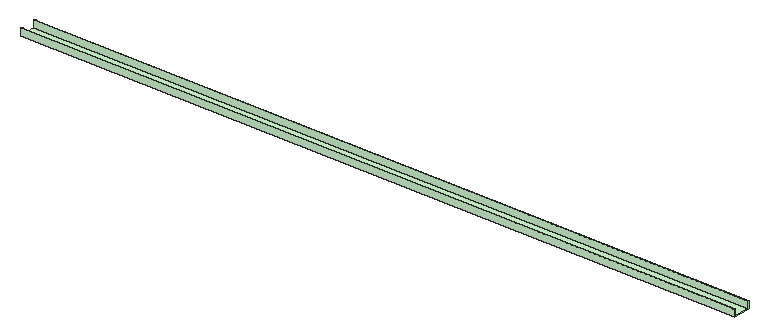
Revit family "sqrunner_90", category 機械設備, Revit 2022
Family settings
  丸型コネクタ寸法 = 直径を使用
  種別 = なし
  パーツ タイプ = 標準
  作業面ベース = いいえ
  常に垂直 = はい
  ロード時にボイドで切り取り = いいえ
  注釈の向きを維持 = いいえ
  共有 = いいえ
  部屋計算ポイント = いいえ
Parameters
  製造元 = "株式会社桐井製作所"
  既定の高さ = 0 mm
  URL = "https://www.kirii.co.jp/"
  K_長さ(mm) [instance] = 4000 mm
  K_材質 = "SGCC　一般用"
  K_外形寸法(mm) = "92×40×40"
  K_品名 = "SQ-ランナー90"
  K_名称 = "角型スタッド用ランナー"
  K_バージョン情報 = "20210524"
  K_めっき付着量 = "Z08"
  K_JIS規格 = "JIS G 3302"
Reference planes
  plane 1 "中心(正面/背面)": y = 0
  plane 2: z = 0
  plane 3 "中心(左/右)": x = 0
  plane 4: x = 4000
  plane 5: y = 46
  plane 6: y = -46
Forms (mm)
  Extrusion 1, solid
    sketch origin (0, 0, 0) x (0, 1, 0) y (0, 0, 1)
      loop
        line (-46, 0) -> (46, 0) -> (46, 40) -> (45.2, 40) -> (45.2, 0.8) -> (-45.2, 0.8) -> (-45.2, 40) -> (-46, 40) -> (-46, 0)
    from 0 to 4000
Dimensions and locks
  "K_長さ(mm)": plane 3 "中心(左/右)" to plane 4
  aligned and locked: level to plane 2
  aligned and locked: plane 4 to Extrusion 1
  aligned and locked: Extrusion 1 to plane 4
Automatic sketch dimensions
  Extrusion 1 sketch curve to level = 0 mm
  Extrusion 1 sketch curve to plane 6 = 0 mm
  Extrusion 1 sketch curve to Extrusion 1 sketch curve = 0.8 mm
  level to Extrusion 1 sketch curve = 0.8 mm
  Extrusion 1 sketch curve to Extrusion 1 sketch curve = 39.2 mm  (x2)
  Extrusion 1 sketch curve to plane 5 = 0 mm
  Extrusion 1 sketch curve to plane 5 = 0.8 mm
